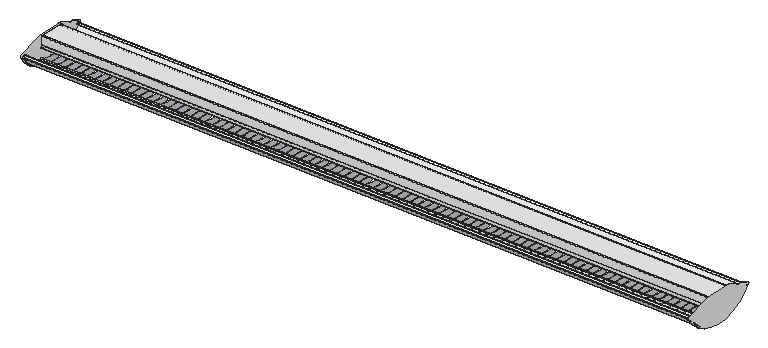
Revit family "LCBA92", category Lighting Fixtures, host Ceiling, Revit 2019
Family settings
  Host = Ceiling
  Round Connector Dimension = Use Diameter
  Part Type = Normal
  OmniClass Number = 23.80.70.11.14.17
  OmniClass Title = Direct/Indirect
  Always vertical = Yes
  Cut with Voids When Loaded = No
  Light Source = Yes
  Shared = No
  Room Calculation Point = No
Parameters (values of type "LCBA92-LED840K050LUNV")
  Width = 0' - 10 1/4"
  Wattage = 64 W
  built-in parameter 1150110 = 1 (stored number, unit not read)
  Voltage = 120 V
  URL = "https://www.viscor.com/en/products/lcba"
  built-in parameter 1114217 = 0.9 (stored number, unit not read)
  Tilt Angle = 180.00°  # constant formula
  built-in parameter 1150109 = 1 (stored number, unit not read)
  built-in parameter 1150134 = 12
  built-in parameter 1150113 = 1 (stored number, unit not read)
  Photometric Web File = "LCBA92-LED840K070LUNV.ies"
  Model = "LCBA"  # constant formula
  Manufacturer = "VISIONEERING by VISCOR"  # constant formula
  Lumens = 7104 lm
  built-in parameter 1150115 = 1 (stored number, unit not read)
  built-in parameter 1150105 = 565.32 (stored number, unit not read)
  built-in parameter 1150137 = (empty or 0)
  built-in parameter 1150139 = (empty or 0)
  Lens Finish Bottom = Acrylic - Viscor - White Opal
  Length = 7' - 8 1/4"
  Lamp Wattage = 64 VA
  built-in parameter 1150112 = 1 (stored number, unit not read)
  built-in parameter 1150114 = 1 (stored number, unit not read)
  Lamp = "LED"  # constant formula
  built-in parameter 1150132 = (empty or 0)
  built-in parameter 1150102 = (empty or 0)
  built-in parameter 1150138 = (empty or 0)
  built-in parameter 1150107 = 4000 (stored number, unit not read)
  built-in parameter 1150106 = 5.6532 (stored number, unit not read)
  Housing Finish = Metal - Viscor - White
  Emit from Line Length = Length  # 7' - 8 1/4"
  built-in parameter 1150104 = 10.312 (stored number, unit not read)
  Dimming Lamp Color Temperature Shift = <None>
  Description = "LED Commercial Basket A"  # constant formula
  Color Filter = 16777215
  built-in parameter 1114218 = 1 (stored number, unit not read)
  built-in parameter 1150133 = 10 (stored number, unit not read)
  Assembly Code = "D5020200"
  Apparent Load = Lamp Wattage  # 64 VA
Reference planes (in)
  plane 1 "Light Source Axis (F/B)": y = 0
  plane 2 "Ceiling": z = 96
  plane 3 "Light Source Axis (L/R)": x = 0
  plane 4 "Light Source Elevation": z = 71.875
  plane 5: x = -46.125
  plane 6: x = 46.125
  plane 7: y = 5.125
  plane 8: y = -5.125
  plane 9: x = -46.09375
  plane 10: x = 46.09375
  plane 11: x = -46.0625
  plane 12: x = 46.0625
  plane 13 "Start of Divider": x = 45.9345
  plane 14: x = -45.9375
Forms (in)
  Extrusion 1, solid, material "Metal - Viscor - White" <- "Housing Finish"
    sketch origin (0, 0, 0) x (0, 1, 0) y (0, 0, 1)
      loop
        line (5.06335, 74.73874) -> (2.37456, 75.72228)
        arc (2.37456, 75.72228) -> (2.03638, 75.81334) -> (1.6875, 75.844) r 2
        line (1.6875, 75.844) -> (-1.6875, 75.844)
        arc (-1.6875, 75.844) -> (-2.03638, 75.81334) -> (-2.37456, 75.72228) r 2
        line (-2.37456, 75.72228) -> (-5.06335, 74.73874)
        arc (-5.06335, 74.73874) -> (-5.13905, 74.66071) -> (-5.125, 74.5529) r 0.125
        arc (-5.125, 74.5529) -> (0, 71.782) -> (5.125, 74.5529) r 6.125
        arc (5.125, 74.5529) -> (5.13905, 74.66071) -> (5.06335, 74.73874) r 0.125
    from 46.09375 to 46.125
  Extrusion 2, solid, material "Metal - Viscor - White" <- "Housing Finish"
    sketch origin (0, 0, 0) x (0, 1, 0) y (0, 0, -1)
      loop
        arc (5.06335, -74.73874) -> (5.13905, -74.66071) -> (5.125, -74.5529) r 0.125
        arc (5.125, -74.5529) -> (0, -71.782) -> (-5.125, -74.5529) r 6.125
        arc (-5.125, -74.5529) -> (-5.13905, -74.66071) -> (-5.06335, -74.73874) r 0.125
        line (-5.06335, -74.73874) -> (-2.37456, -75.72228)
        arc (-2.37456, -75.72228) -> (-2.03638, -75.81334) -> (-1.6875, -75.844) r 2
        line (-1.6875, -75.844) -> (1.6875, -75.844)
        arc (1.6875, -75.844) -> (2.03638, -75.81334) -> (2.37456, -75.72228) r 2
        line (2.37456, -75.72228) -> (5.06335, -74.73874)
    from 46.09375 to 46.125
  Extrusion 3, solid, material "Metal - Viscor - White" <- "Housing Finish"
    sketch origin (0, 0, 0) x (0, 1, 0) y (0, 0, 1)
      loop
        line (1.73473, 73.07819) -> (1.58208, 73.04975) -> (1.58781, 73.01903) -> (1.74044, 73.04753)
        arc (1.74044, 73.04753) -> (1.76608, 73.04319) -> (1.78281, 73.02328) r 0.03771
        arc (1.78281, 73.02328) -> (1.90961, 72.67661) -> (2.04199, 72.33203) r 22.82243
        arc (2.04199, 72.33203) -> (2.0801, 72.29314) -> (2.13454, 72.29314) r 0.07026
        arc (2.13454, 72.29314) -> (3.65839, 73.1434) -> (4.85285, 74.41553) r 5.68925
        line (4.85285, 74.41553) -> (4.88773, 74.46651)
        arc (4.88773, 74.46651) -> (4.89929, 74.5161) -> (4.87432, 74.56048) r 0.07025
        line (4.87432, 74.56048) -> (4.71936, 74.68765)
        arc (4.71936, 74.68765) -> (4.68015, 74.70339) -> (4.63901, 74.69379) r 0.07025
        line (4.63901, 74.69379) -> (4.43792, 74.57475) -> (4.45383, 74.54786) -> (4.65493, 74.6669)
        arc (4.65493, 74.6669) -> (4.67777, 74.67223) -> (4.69953, 74.66349) r 0.039
        line (4.69953, 74.66349) -> (4.85449, 74.53632)
        arc (4.85449, 74.53632) -> (4.86836, 74.51169) -> (4.86194, 74.48415) r 0.039
        line (4.86194, 74.48415) -> (4.82706, 74.43317)
        arc (4.82706, 74.43317) -> (3.63876, 73.16772) -> (2.12272, 72.32209) r 5.658
        arc (2.12272, 72.32209) -> (2.09232, 72.32193) -> (2.07103, 72.34364) r 0.039
        arc (2.07103, 72.34364) -> (1.93876, 72.68793) -> (1.81207, 73.03432) r 22.79117
        arc (1.81207, 73.03432) -> (1.78141, 73.07037) -> (1.73473, 73.07819) r 0.069
    from -46.09375 to 46.09375
  Extrusion 4, solid, material "Metal - Viscor - White" <- "Housing Finish"
    sketch origin (0, 0, 0) x (0, 1, 0) y (0, 0, 1)
      loop
        arc (-4.87352, 74.55951) -> (-4.89741, 74.51969) -> (-4.89066, 74.47375) r 0.069
        arc (-4.89066, 74.47375) -> (-3.68477, 73.16571) -> (-2.13376, 72.29419) r 5.688
        arc (-2.13376, 72.29419) -> (-2.08037, 72.29441) -> (-2.04312, 72.33266) r 0.069
        arc (-2.04312, 72.33266) -> (-1.91079, 72.67708) -> (-1.78402, 73.02368) r 22.82117
        arc (-1.78402, 73.02368) -> (-1.76486, 73.04539) -> (-1.73602, 73.04791) r 0.039
        line (-1.73602, 73.04791) -> (-1.58758, 73.02026) -> (-1.58185, 73.05098) -> (-1.72886, 73.07837)
        arc (-1.72886, 73.07837) -> (-1.77982, 73.07284) -> (-1.81346, 73.03417) r 0.07025
        arc (-1.81346, 73.03417) -> (-1.94005, 72.68805) -> (-2.07222, 72.34403) r 22.78992
        arc (-2.07222, 72.34403) -> (-2.09281, 72.32307) -> (-2.12226, 72.32325) r 0.03775
        arc (-2.12226, 72.32325) -> (-3.66044, 73.18632) -> (-4.85804, 74.48118) r 5.65675
        arc (-4.85804, 74.48118) -> (-4.86738, 74.50919) -> (-4.8537, 74.53535) r 0.03775
        line (-4.8537, 74.53535) -> (-4.69874, 74.66252)
        arc (-4.69874, 74.66252) -> (-4.67767, 74.67098) -> (-4.65556, 74.66583) r 0.03775
        line (-4.65556, 74.66583) -> (-4.45447, 74.54678) -> (-4.43855, 74.57368) -> (-4.63964, 74.69272)
        arc (-4.63964, 74.69272) -> (-4.68006, 74.70214) -> (-4.71857, 74.68668) r 0.069
        line (-4.71857, 74.68668) -> (-4.87352, 74.55951)
    from -46.09375 to 46.09375
  Extrusion 5, solid, material "Metal - Viscor - White" <- "Housing Finish"
    sketch origin (0, 0, 0) x (0, 1, 0) y (0, 0, 1)
      loop
        line (1.556, 75.782) -> (-1.556, 75.782)
        arc (-1.556, 75.782) -> (-1.60479, 75.76179) -> (-1.625, 75.713) r 0.069
        line (-1.625, 75.713) -> (-1.625, 74.251) -> (-1.59375, 74.251) -> (-1.59375, 75.713)
        arc (-1.59375, 75.713) -> (-1.58269, 75.73969) -> (-1.556, 75.75075) r 0.03775
        line (-1.556, 75.75075) -> (1.556, 75.75075)
        arc (1.556, 75.75075) -> (1.58269, 75.73969) -> (1.59375, 75.713) r 0.03775
        line (1.59375, 75.713) -> (1.59375, 74.251) -> (1.625, 74.251) -> (1.625, 75.713)
        arc (1.625, 75.713) -> (1.60479, 75.76179) -> (1.556, 75.782) r 0.069
    from -46.09375 to 46.09375
  Extrusion 6, solid
    sketch origin (0, 0, 0) x (0, 1, 0) y (0, 0, 1)
      loop
        line (1.59375, 74.251) -> (1.59375, 75.713)
        arc (1.59375, 75.713) -> (1.58269, 75.73969) -> (1.556, 75.75075) r 0.03775
        line (1.556, 75.75075) -> (-1.556, 75.75075)
        arc (-1.556, 75.75075) -> (-1.58269, 75.73969) -> (-1.59375, 75.713) r 0.03775
        line (-1.59375, 75.713) -> (-1.59375, 74.251) -> (1.59375, 74.251)
    from 46.0625 to 46.09375
  Extrusion 7, solid, material "Metal - Viscor - White" <- "Housing Finish"
    sketch origin (0, 0, 0) x (0, 1, 0) y (0, 0, -1)
      loop
        line (1.59375, -74.251) -> (-1.59375, -74.251) -> (-1.59375, -75.713)
        arc (-1.59375, -75.713) -> (-1.58269, -75.73969) -> (-1.556, -75.75075) r 0.03775
        line (-1.556, -75.75075) -> (1.556, -75.75075)
        arc (1.556, -75.75075) -> (1.58269, -75.73969) -> (1.59375, -75.713) r 0.03775
        line (1.59375, -75.713) -> (1.59375, -74.251)
    from 46.0625 to 46.09375
  Extrusion 8, solid, material "Metal - Viscor - White" <- "Housing Finish"
    sketch origin (0, 0, 0) x (0, 1, 0) y (0, 0, 1)
      loop
        arc (1.6575, 74.29) -> (1.64608, 74.26242) -> (1.6185, 74.251) r 0.039
        line (1.6185, 74.251) -> (-1.6185, 74.251)
        arc (-1.6185, 74.251) -> (-1.64608, 74.26242) -> (-1.6575, 74.29) r 0.039
        line (-1.6575, 74.29) -> (-1.6575, 74.721) -> (-1.68875, 74.721) -> (-1.68875, 74.29)
        arc (-1.68875, 74.29) -> (-1.66817, 74.24033) -> (-1.6185, 74.21975) r 0.07025
        line (-1.6185, 74.21975) -> (1.6185, 74.21975)
        arc (1.6185, 74.21975) -> (1.66817, 74.24033) -> (1.68875, 74.29) r 0.07025
        line (1.68875, 74.29) -> (1.68875, 74.721) -> (1.6575, 74.721) -> (1.6575, 74.29)
    from -46.0625 to 46.0625
  Extrusion 9, solid
    sketch origin (0, 0, 0) x (0, 1, 0) y (0, 0, 1)
      loop
        arc (1.81268, 72.94364) -> (-0.00072, 72.65579) -> (-1.81406, 72.94408) r 5.85148
        line (-1.81406, 72.94408) -> (-1.84484, 72.86147) -> (-1.90362, 72.88351)
        arc (-1.90362, 72.88351) -> (-1.99875, 72.88023) -> (-2.06363, 72.81059) r 0.12422
        line (-2.06363, 72.81059) -> (-2.1814, 72.49647)
        arc (-2.1814, 72.49647) -> (-2.17546, 72.44135) -> (-2.12767, 72.41325) r 0.0617
        line (-2.12767, 72.41325) -> (-2.01335, 72.41202) -> (-2.05986, 72.27994)
        arc (-2.05986, 72.27994) -> (0.00142, 71.9068) -> (2.06251, 72.28094) r 5.872
        line (2.06251, 72.28094) -> (2.01335, 72.41202) -> (2.1241, 72.41309)
        arc (2.1241, 72.41309) -> (2.17511, 72.4409) -> (2.18051, 72.49874) r 0.0618
        line (2.18051, 72.49874) -> (2.06311, 72.81193)
        arc (2.06311, 72.81193) -> (1.99756, 72.88131) -> (1.90213, 72.88295) r 0.12304
        line (1.90213, 72.88295) -> (1.84484, 72.86147) -> (1.81268, 72.94364)
    from 45.89311 to 45.9345
  Extrusion 10, solid
    sketch origin (-91.872, 0, 0) x (0, 1, 0) y (0, 0, 1)
      loop
        arc (1.81268, 72.94364) -> (-0.00072, 72.65579) -> (-1.81406, 72.94408) r 5.85148
        line (-1.81406, 72.94408) -> (-1.84484, 72.86147) -> (-1.90362, 72.88351)
        arc (-1.90362, 72.88351) -> (-1.99875, 72.88023) -> (-2.06363, 72.81059) r 0.12422
        line (-2.06363, 72.81059) -> (-2.1814, 72.49647)
        arc (-2.1814, 72.49647) -> (-2.17546, 72.44135) -> (-2.12767, 72.41325) r 0.0617
        line (-2.12767, 72.41325) -> (-2.01335, 72.41202) -> (-2.05986, 72.27994)
        arc (-2.05986, 72.27994) -> (0.00142, 71.9068) -> (2.06251, 72.28094) r 5.872
        line (2.06251, 72.28094) -> (2.01335, 72.41202) -> (2.1241, 72.41309)
        arc (2.1241, 72.41309) -> (2.17511, 72.4409) -> (2.18051, 72.49874) r 0.0618
        line (2.18051, 72.49874) -> (2.06311, 72.81193)
        arc (2.06311, 72.81193) -> (1.99756, 72.88131) -> (1.90213, 72.88295) r 0.12304
        line (1.90213, 72.88295) -> (1.84484, 72.86147) -> (1.81268, 72.94364)
    from 45.89311 to 45.9345
  Extrusion 11, solid
    sketch origin (-1.00958, 0, 0) x (0, 1, 0) y (0, 0, 1)
      loop
        arc (1.81268, 72.94364) -> (-0.00072, 72.65579) -> (-1.81406, 72.94408) r 5.85148
        line (-1.81406, 72.94408) -> (-1.84484, 72.86147) -> (-1.90362, 72.88351)
        arc (-1.90362, 72.88351) -> (-1.99875, 72.88023) -> (-2.06363, 72.81059) r 0.12422
        line (-2.06363, 72.81059) -> (-2.1814, 72.49647)
        arc (-2.1814, 72.49647) -> (-2.17546, 72.44135) -> (-2.12767, 72.41325) r 0.0617
        line (-2.12767, 72.41325) -> (-2.01335, 72.41202) -> (-2.05986, 72.27994)
        arc (-2.05986, 72.27994) -> (0.00142, 71.9068) -> (2.06251, 72.28094) r 5.872
        line (2.06251, 72.28094) -> (2.01335, 72.41202) -> (2.1241, 72.41309)
        arc (2.1241, 72.41309) -> (2.17511, 72.4409) -> (2.18051, 72.49874) r 0.0618
        line (2.18051, 72.49874) -> (2.06311, 72.81193)
        arc (2.06311, 72.81193) -> (1.99756, 72.88131) -> (1.90213, 72.88295) r 0.12304
        line (1.90213, 72.88295) -> (1.84484, 72.86147) -> (1.81268, 72.94364)
    from 45.89311 to 45.9345
  Extrusion 12, solid
    sketch origin (-2.01916, 0, 0) x (0, 1, 0) y (0, 0, 1)
      loop
        arc (1.81268, 72.94364) -> (-0.00072, 72.65579) -> (-1.81406, 72.94408) r 5.85148
        line (-1.81406, 72.94408) -> (-1.84484, 72.86147) -> (-1.90362, 72.88351)
        arc (-1.90362, 72.88351) -> (-1.99875, 72.88023) -> (-2.06363, 72.81059) r 0.12422
        line (-2.06363, 72.81059) -> (-2.1814, 72.49647)
        arc (-2.1814, 72.49647) -> (-2.17546, 72.44135) -> (-2.12767, 72.41325) r 0.0617
        line (-2.12767, 72.41325) -> (-2.01335, 72.41202) -> (-2.05986, 72.27994)
        arc (-2.05986, 72.27994) -> (0.00142, 71.9068) -> (2.06251, 72.28094) r 5.872
        line (2.06251, 72.28094) -> (2.01335, 72.41202) -> (2.1241, 72.41309)
        arc (2.1241, 72.41309) -> (2.17511, 72.4409) -> (2.18051, 72.49874) r 0.0618
        line (2.18051, 72.49874) -> (2.06311, 72.81193)
        arc (2.06311, 72.81193) -> (1.99756, 72.88131) -> (1.90213, 72.88295) r 0.12304
        line (1.90213, 72.88295) -> (1.84484, 72.86147) -> (1.81268, 72.94364)
    from 45.89311 to 45.9345
  Extrusion 13, solid
    sketch origin (-3.02875, 0, 0) x (0, 1, 0) y (0, 0, 1)
      loop
        arc (1.81268, 72.94364) -> (-0.00072, 72.65579) -> (-1.81406, 72.94408) r 5.85148
        line (-1.81406, 72.94408) -> (-1.84484, 72.86147) -> (-1.90362, 72.88351)
        arc (-1.90362, 72.88351) -> (-1.99875, 72.88023) -> (-2.06363, 72.81059) r 0.12422
        line (-2.06363, 72.81059) -> (-2.1814, 72.49647)
        arc (-2.1814, 72.49647) -> (-2.17546, 72.44135) -> (-2.12767, 72.41325) r 0.0617
        line (-2.12767, 72.41325) -> (-2.01335, 72.41202) -> (-2.05986, 72.27994)
        arc (-2.05986, 72.27994) -> (0.00142, 71.9068) -> (2.06251, 72.28094) r 5.872
        line (2.06251, 72.28094) -> (2.01335, 72.41202) -> (2.1241, 72.41309)
        arc (2.1241, 72.41309) -> (2.17511, 72.4409) -> (2.18051, 72.49874) r 0.0618
        line (2.18051, 72.49874) -> (2.06311, 72.81193)
        arc (2.06311, 72.81193) -> (1.99756, 72.88131) -> (1.90213, 72.88295) r 0.12304
        line (1.90213, 72.88295) -> (1.84484, 72.86147) -> (1.81268, 72.94364)
    from 45.89311 to 45.9345
  Extrusion 14, solid
    sketch origin (-4.03833, 0, 0) x (0, 1, 0) y (0, 0, 1)
      loop
        arc (1.81268, 72.94364) -> (-0.00072, 72.65579) -> (-1.81406, 72.94408) r 5.85148
        line (-1.81406, 72.94408) -> (-1.84484, 72.86147) -> (-1.90362, 72.88351)
        arc (-1.90362, 72.88351) -> (-1.99875, 72.88023) -> (-2.06363, 72.81059) r 0.12422
        line (-2.06363, 72.81059) -> (-2.1814, 72.49647)
        arc (-2.1814, 72.49647) -> (-2.17546, 72.44135) -> (-2.12767, 72.41325) r 0.0617
        line (-2.12767, 72.41325) -> (-2.01335, 72.41202) -> (-2.05986, 72.27994)
        arc (-2.05986, 72.27994) -> (0.00142, 71.9068) -> (2.06251, 72.28094) r 5.872
        line (2.06251, 72.28094) -> (2.01335, 72.41202) -> (2.1241, 72.41309)
        arc (2.1241, 72.41309) -> (2.17511, 72.4409) -> (2.18051, 72.49874) r 0.0618
        line (2.18051, 72.49874) -> (2.06311, 72.81193)
        arc (2.06311, 72.81193) -> (1.99756, 72.88131) -> (1.90213, 72.88295) r 0.12304
        line (1.90213, 72.88295) -> (1.84484, 72.86147) -> (1.81268, 72.94364)
    from 45.89311 to 45.9345
  Extrusion 15, solid
    sketch origin (-5.04791, 0, 0) x (0, 1, 0) y (0, 0, 1)
      loop
        arc (1.81268, 72.94364) -> (-0.00072, 72.65579) -> (-1.81406, 72.94408) r 5.85148
        line (-1.81406, 72.94408) -> (-1.84484, 72.86147) -> (-1.90362, 72.88351)
        arc (-1.90362, 72.88351) -> (-1.99875, 72.88023) -> (-2.06363, 72.81059) r 0.12422
        line (-2.06363, 72.81059) -> (-2.1814, 72.49647)
        arc (-2.1814, 72.49647) -> (-2.17546, 72.44135) -> (-2.12767, 72.41325) r 0.0617
        line (-2.12767, 72.41325) -> (-2.01335, 72.41202) -> (-2.05986, 72.27994)
        arc (-2.05986, 72.27994) -> (0.00142, 71.9068) -> (2.06251, 72.28094) r 5.872
        line (2.06251, 72.28094) -> (2.01335, 72.41202) -> (2.1241, 72.41309)
        arc (2.1241, 72.41309) -> (2.17511, 72.4409) -> (2.18051, 72.49874) r 0.0618
        line (2.18051, 72.49874) -> (2.06311, 72.81193)
        arc (2.06311, 72.81193) -> (1.99756, 72.88131) -> (1.90213, 72.88295) r 0.12304
        line (1.90213, 72.88295) -> (1.84484, 72.86147) -> (1.81268, 72.94364)
    from 45.89311 to 45.9345
  Extrusion 16, solid
    sketch origin (-6.05749, 0, 0) x (0, 1, 0) y (0, 0, 1)
      loop
        arc (1.81268, 72.94364) -> (-0.00072, 72.65579) -> (-1.81406, 72.94408) r 5.85148
        line (-1.81406, 72.94408) -> (-1.84484, 72.86147) -> (-1.90362, 72.88351)
        arc (-1.90362, 72.88351) -> (-1.99875, 72.88023) -> (-2.06363, 72.81059) r 0.12422
        line (-2.06363, 72.81059) -> (-2.1814, 72.49647)
        arc (-2.1814, 72.49647) -> (-2.17546, 72.44135) -> (-2.12767, 72.41325) r 0.0617
        line (-2.12767, 72.41325) -> (-2.01335, 72.41202) -> (-2.05986, 72.27994)
        arc (-2.05986, 72.27994) -> (0.00142, 71.9068) -> (2.06251, 72.28094) r 5.872
        line (2.06251, 72.28094) -> (2.01335, 72.41202) -> (2.1241, 72.41309)
        arc (2.1241, 72.41309) -> (2.17511, 72.4409) -> (2.18051, 72.49874) r 0.0618
        line (2.18051, 72.49874) -> (2.06311, 72.81193)
        arc (2.06311, 72.81193) -> (1.99756, 72.88131) -> (1.90213, 72.88295) r 0.12304
        line (1.90213, 72.88295) -> (1.84484, 72.86147) -> (1.81268, 72.94364)
    from 45.89311 to 45.9345
  Extrusion 17, solid
    sketch origin (-7.06708, 0, 0) x (0, 1, 0) y (0, 0, 1)
      loop
        arc (1.81268, 72.94364) -> (-0.00072, 72.65579) -> (-1.81406, 72.94408) r 5.85148
        line (-1.81406, 72.94408) -> (-1.84484, 72.86147) -> (-1.90362, 72.88351)
        arc (-1.90362, 72.88351) -> (-1.99875, 72.88023) -> (-2.06363, 72.81059) r 0.12422
        line (-2.06363, 72.81059) -> (-2.1814, 72.49647)
        arc (-2.1814, 72.49647) -> (-2.17546, 72.44135) -> (-2.12767, 72.41325) r 0.0617
        line (-2.12767, 72.41325) -> (-2.01335, 72.41202) -> (-2.05986, 72.27994)
        arc (-2.05986, 72.27994) -> (0.00142, 71.9068) -> (2.06251, 72.28094) r 5.872
        line (2.06251, 72.28094) -> (2.01335, 72.41202) -> (2.1241, 72.41309)
        arc (2.1241, 72.41309) -> (2.17511, 72.4409) -> (2.18051, 72.49874) r 0.0618
        line (2.18051, 72.49874) -> (2.06311, 72.81193)
        arc (2.06311, 72.81193) -> (1.99756, 72.88131) -> (1.90213, 72.88295) r 0.12304
        line (1.90213, 72.88295) -> (1.84484, 72.86147) -> (1.81268, 72.94364)
    from 45.89311 to 45.9345
  Extrusion 18, solid
    sketch origin (-8.07666, 0, 0) x (0, 1, 0) y (0, 0, 1)
      loop
        arc (1.81268, 72.94364) -> (-0.00072, 72.65579) -> (-1.81406, 72.94408) r 5.85148
        line (-1.81406, 72.94408) -> (-1.84484, 72.86147) -> (-1.90362, 72.88351)
        arc (-1.90362, 72.88351) -> (-1.99875, 72.88023) -> (-2.06363, 72.81059) r 0.12422
        line (-2.06363, 72.81059) -> (-2.1814, 72.49647)
        arc (-2.1814, 72.49647) -> (-2.17546, 72.44135) -> (-2.12767, 72.41325) r 0.0617
        line (-2.12767, 72.41325) -> (-2.01335, 72.41202) -> (-2.05986, 72.27994)
        arc (-2.05986, 72.27994) -> (0.00142, 71.9068) -> (2.06251, 72.28094) r 5.872
        line (2.06251, 72.28094) -> (2.01335, 72.41202) -> (2.1241, 72.41309)
        arc (2.1241, 72.41309) -> (2.17511, 72.4409) -> (2.18051, 72.49874) r 0.0618
        line (2.18051, 72.49874) -> (2.06311, 72.81193)
        arc (2.06311, 72.81193) -> (1.99756, 72.88131) -> (1.90213, 72.88295) r 0.12304
        line (1.90213, 72.88295) -> (1.84484, 72.86147) -> (1.81268, 72.94364)
    from 45.89311 to 45.9345
  Extrusion 19, solid
    sketch origin (-9.08624, 0, 0) x (0, 1, 0) y (0, 0, 1)
      loop
        arc (1.81268, 72.94364) -> (-0.00072, 72.65579) -> (-1.81406, 72.94408) r 5.85148
        line (-1.81406, 72.94408) -> (-1.84484, 72.86147) -> (-1.90362, 72.88351)
        arc (-1.90362, 72.88351) -> (-1.99875, 72.88023) -> (-2.06363, 72.81059) r 0.12422
        line (-2.06363, 72.81059) -> (-2.1814, 72.49647)
        arc (-2.1814, 72.49647) -> (-2.17546, 72.44135) -> (-2.12767, 72.41325) r 0.0617
        line (-2.12767, 72.41325) -> (-2.01335, 72.41202) -> (-2.05986, 72.27994)
        arc (-2.05986, 72.27994) -> (0.00142, 71.9068) -> (2.06251, 72.28094) r 5.872
        line (2.06251, 72.28094) -> (2.01335, 72.41202) -> (2.1241, 72.41309)
        arc (2.1241, 72.41309) -> (2.17511, 72.4409) -> (2.18051, 72.49874) r 0.0618
        line (2.18051, 72.49874) -> (2.06311, 72.81193)
        arc (2.06311, 72.81193) -> (1.99756, 72.88131) -> (1.90213, 72.88295) r 0.12304
        line (1.90213, 72.88295) -> (1.84484, 72.86147) -> (1.81268, 72.94364)
    from 45.89311 to 45.9345
  Extrusion 20, solid
    sketch origin (-10.09582, 0, 0) x (0, 1, 0) y (0, 0, 1)
      loop
        arc (1.81268, 72.94364) -> (-0.00072, 72.65579) -> (-1.81406, 72.94408) r 5.85148
        line (-1.81406, 72.94408) -> (-1.84484, 72.86147) -> (-1.90362, 72.88351)
        arc (-1.90362, 72.88351) -> (-1.99875, 72.88023) -> (-2.06363, 72.81059) r 0.12422
        line (-2.06363, 72.81059) -> (-2.1814, 72.49647)
        arc (-2.1814, 72.49647) -> (-2.17546, 72.44135) -> (-2.12767, 72.41325) r 0.0617
        line (-2.12767, 72.41325) -> (-2.01335, 72.41202) -> (-2.05986, 72.27994)
        arc (-2.05986, 72.27994) -> (0.00142, 71.9068) -> (2.06251, 72.28094) r 5.872
        line (2.06251, 72.28094) -> (2.01335, 72.41202) -> (2.1241, 72.41309)
        arc (2.1241, 72.41309) -> (2.17511, 72.4409) -> (2.18051, 72.49874) r 0.0618
        line (2.18051, 72.49874) -> (2.06311, 72.81193)
        arc (2.06311, 72.81193) -> (1.99756, 72.88131) -> (1.90213, 72.88295) r 0.12304
        line (1.90213, 72.88295) -> (1.84484, 72.86147) -> (1.81268, 72.94364)
    from 45.89311 to 45.9345
  Extrusion 21, solid
    sketch origin (-11.10541, 0, 0) x (0, 1, 0) y (0, 0, 1)
      loop
        arc (1.81268, 72.94364) -> (-0.00072, 72.65579) -> (-1.81406, 72.94408) r 5.85148
        line (-1.81406, 72.94408) -> (-1.84484, 72.86147) -> (-1.90362, 72.88351)
        arc (-1.90362, 72.88351) -> (-1.99875, 72.88023) -> (-2.06363, 72.81059) r 0.12422
        line (-2.06363, 72.81059) -> (-2.1814, 72.49647)
        arc (-2.1814, 72.49647) -> (-2.17546, 72.44135) -> (-2.12767, 72.41325) r 0.0617
        line (-2.12767, 72.41325) -> (-2.01335, 72.41202) -> (-2.05986, 72.27994)
        arc (-2.05986, 72.27994) -> (0.00142, 71.9068) -> (2.06251, 72.28094) r 5.872
        line (2.06251, 72.28094) -> (2.01335, 72.41202) -> (2.1241, 72.41309)
        arc (2.1241, 72.41309) -> (2.17511, 72.4409) -> (2.18051, 72.49874) r 0.0618
        line (2.18051, 72.49874) -> (2.06311, 72.81193)
        arc (2.06311, 72.81193) -> (1.99756, 72.88131) -> (1.90213, 72.88295) r 0.12304
        line (1.90213, 72.88295) -> (1.84484, 72.86147) -> (1.81268, 72.94364)
    from 45.89311 to 45.9345
  Extrusion 22, solid
    sketch origin (-12.11499, 0, 0) x (0, 1, 0) y (0, 0, 1)
      loop
        arc (1.81268, 72.94364) -> (-0.00072, 72.65579) -> (-1.81406, 72.94408) r 5.85148
        line (-1.81406, 72.94408) -> (-1.84484, 72.86147) -> (-1.90362, 72.88351)
        arc (-1.90362, 72.88351) -> (-1.99875, 72.88023) -> (-2.06363, 72.81059) r 0.12422
        line (-2.06363, 72.81059) -> (-2.1814, 72.49647)
        arc (-2.1814, 72.49647) -> (-2.17546, 72.44135) -> (-2.12767, 72.41325) r 0.0617
        line (-2.12767, 72.41325) -> (-2.01335, 72.41202) -> (-2.05986, 72.27994)
        arc (-2.05986, 72.27994) -> (0.00142, 71.9068) -> (2.06251, 72.28094) r 5.872
        line (2.06251, 72.28094) -> (2.01335, 72.41202) -> (2.1241, 72.41309)
        arc (2.1241, 72.41309) -> (2.17511, 72.4409) -> (2.18051, 72.49874) r 0.0618
        line (2.18051, 72.49874) -> (2.06311, 72.81193)
        arc (2.06311, 72.81193) -> (1.99756, 72.88131) -> (1.90213, 72.88295) r 0.12304
        line (1.90213, 72.88295) -> (1.84484, 72.86147) -> (1.81268, 72.94364)
    from 45.89311 to 45.9345
  Extrusion 23, solid
    sketch origin (-13.12457, 0, 0) x (0, 1, 0) y (0, 0, 1)
      loop
        arc (1.81268, 72.94364) -> (-0.00072, 72.65579) -> (-1.81406, 72.94408) r 5.85148
        line (-1.81406, 72.94408) -> (-1.84484, 72.86147) -> (-1.90362, 72.88351)
        arc (-1.90362, 72.88351) -> (-1.99875, 72.88023) -> (-2.06363, 72.81059) r 0.12422
        line (-2.06363, 72.81059) -> (-2.1814, 72.49647)
        arc (-2.1814, 72.49647) -> (-2.17546, 72.44135) -> (-2.12767, 72.41325) r 0.0617
        line (-2.12767, 72.41325) -> (-2.01335, 72.41202) -> (-2.05986, 72.27994)
        arc (-2.05986, 72.27994) -> (0.00142, 71.9068) -> (2.06251, 72.28094) r 5.872
        line (2.06251, 72.28094) -> (2.01335, 72.41202) -> (2.1241, 72.41309)
        arc (2.1241, 72.41309) -> (2.17511, 72.4409) -> (2.18051, 72.49874) r 0.0618
        line (2.18051, 72.49874) -> (2.06311, 72.81193)
        arc (2.06311, 72.81193) -> (1.99756, 72.88131) -> (1.90213, 72.88295) r 0.12304
        line (1.90213, 72.88295) -> (1.84484, 72.86147) -> (1.81268, 72.94364)
    from 45.89311 to 45.9345
  Extrusion 24, solid
    sketch origin (-14.13415, 0, 0) x (0, 1, 0) y (0, 0, 1)
      loop
        arc (1.81268, 72.94364) -> (-0.00072, 72.65579) -> (-1.81406, 72.94408) r 5.85148
        line (-1.81406, 72.94408) -> (-1.84484, 72.86147) -> (-1.90362, 72.88351)
        arc (-1.90362, 72.88351) -> (-1.99875, 72.88023) -> (-2.06363, 72.81059) r 0.12422
        line (-2.06363, 72.81059) -> (-2.1814, 72.49647)
        arc (-2.1814, 72.49647) -> (-2.17546, 72.44135) -> (-2.12767, 72.41325) r 0.0617
        line (-2.12767, 72.41325) -> (-2.01335, 72.41202) -> (-2.05986, 72.27994)
        arc (-2.05986, 72.27994) -> (0.00142, 71.9068) -> (2.06251, 72.28094) r 5.872
        line (2.06251, 72.28094) -> (2.01335, 72.41202) -> (2.1241, 72.41309)
        arc (2.1241, 72.41309) -> (2.17511, 72.4409) -> (2.18051, 72.49874) r 0.0618
        line (2.18051, 72.49874) -> (2.06311, 72.81193)
        arc (2.06311, 72.81193) -> (1.99756, 72.88131) -> (1.90213, 72.88295) r 0.12304
        line (1.90213, 72.88295) -> (1.84484, 72.86147) -> (1.81268, 72.94364)
    from 45.89311 to 45.9345
  Extrusion 25, solid
    sketch origin (-15.14374, 0, 0) x (0, 1, 0) y (0, 0, 1)
      loop
        arc (1.81268, 72.94364) -> (-0.00072, 72.65579) -> (-1.81406, 72.94408) r 5.85148
        line (-1.81406, 72.94408) -> (-1.84484, 72.86147) -> (-1.90362, 72.88351)
        arc (-1.90362, 72.88351) -> (-1.99875, 72.88023) -> (-2.06363, 72.81059) r 0.12422
        line (-2.06363, 72.81059) -> (-2.1814, 72.49647)
        arc (-2.1814, 72.49647) -> (-2.17546, 72.44135) -> (-2.12767, 72.41325) r 0.0617
        line (-2.12767, 72.41325) -> (-2.01335, 72.41202) -> (-2.05986, 72.27994)
        arc (-2.05986, 72.27994) -> (0.00142, 71.9068) -> (2.06251, 72.28094) r 5.872
        line (2.06251, 72.28094) -> (2.01335, 72.41202) -> (2.1241, 72.41309)
        arc (2.1241, 72.41309) -> (2.17511, 72.4409) -> (2.18051, 72.49874) r 0.0618
        line (2.18051, 72.49874) -> (2.06311, 72.81193)
        arc (2.06311, 72.81193) -> (1.99756, 72.88131) -> (1.90213, 72.88295) r 0.12304
        line (1.90213, 72.88295) -> (1.84484, 72.86147) -> (1.81268, 72.94364)
    from 45.89311 to 45.9345
  Extrusion 26, solid
    sketch origin (-16.15332, 0, 0) x (0, 1, 0) y (0, 0, 1)
      loop
        arc (1.81268, 72.94364) -> (-0.00072, 72.65579) -> (-1.81406, 72.94408) r 5.85148
        line (-1.81406, 72.94408) -> (-1.84484, 72.86147) -> (-1.90362, 72.88351)
        arc (-1.90362, 72.88351) -> (-1.99875, 72.88023) -> (-2.06363, 72.81059) r 0.12422
        line (-2.06363, 72.81059) -> (-2.1814, 72.49647)
        arc (-2.1814, 72.49647) -> (-2.17546, 72.44135) -> (-2.12767, 72.41325) r 0.0617
        line (-2.12767, 72.41325) -> (-2.01335, 72.41202) -> (-2.05986, 72.27994)
        arc (-2.05986, 72.27994) -> (0.00142, 71.9068) -> (2.06251, 72.28094) r 5.872
        line (2.06251, 72.28094) -> (2.01335, 72.41202) -> (2.1241, 72.41309)
        arc (2.1241, 72.41309) -> (2.17511, 72.4409) -> (2.18051, 72.49874) r 0.0618
        line (2.18051, 72.49874) -> (2.06311, 72.81193)
        arc (2.06311, 72.81193) -> (1.99756, 72.88131) -> (1.90213, 72.88295) r 0.12304
        line (1.90213, 72.88295) -> (1.84484, 72.86147) -> (1.81268, 72.94364)
    from 45.89311 to 45.9345
  Extrusion 27, solid
    sketch origin (-17.1629, 0, 0) x (0, 1, 0) y (0, 0, 1)
      loop
        arc (1.81268, 72.94364) -> (-0.00072, 72.65579) -> (-1.81406, 72.94408) r 5.85148
        line (-1.81406, 72.94408) -> (-1.84484, 72.86147) -> (-1.90362, 72.88351)
        arc (-1.90362, 72.88351) -> (-1.99875, 72.88023) -> (-2.06363, 72.81059) r 0.12422
        line (-2.06363, 72.81059) -> (-2.1814, 72.49647)
        arc (-2.1814, 72.49647) -> (-2.17546, 72.44135) -> (-2.12767, 72.41325) r 0.0617
        line (-2.12767, 72.41325) -> (-2.01335, 72.41202) -> (-2.05986, 72.27994)
        arc (-2.05986, 72.27994) -> (0.00142, 71.9068) -> (2.06251, 72.28094) r 5.872
        line (2.06251, 72.28094) -> (2.01335, 72.41202) -> (2.1241, 72.41309)
        arc (2.1241, 72.41309) -> (2.17511, 72.4409) -> (2.18051, 72.49874) r 0.0618
        line (2.18051, 72.49874) -> (2.06311, 72.81193)
        arc (2.06311, 72.81193) -> (1.99756, 72.88131) -> (1.90213, 72.88295) r 0.12304
        line (1.90213, 72.88295) -> (1.84484, 72.86147) -> (1.81268, 72.94364)
    from 45.89311 to 45.9345
  Extrusion 28, solid
    sketch origin (-18.17248, 0, 0) x (0, 1, 0) y (0, 0, 1)
      loop
        arc (1.81268, 72.94364) -> (-0.00072, 72.65579) -> (-1.81406, 72.94408) r 5.85148
        line (-1.81406, 72.94408) -> (-1.84484, 72.86147) -> (-1.90362, 72.88351)
        arc (-1.90362, 72.88351) -> (-1.99875, 72.88023) -> (-2.06363, 72.81059) r 0.12422
        line (-2.06363, 72.81059) -> (-2.1814, 72.49647)
        arc (-2.1814, 72.49647) -> (-2.17546, 72.44135) -> (-2.12767, 72.41325) r 0.0617
        line (-2.12767, 72.41325) -> (-2.01335, 72.41202) -> (-2.05986, 72.27994)
        arc (-2.05986, 72.27994) -> (0.00142, 71.9068) -> (2.06251, 72.28094) r 5.872
        line (2.06251, 72.28094) -> (2.01335, 72.41202) -> (2.1241, 72.41309)
        arc (2.1241, 72.41309) -> (2.17511, 72.4409) -> (2.18051, 72.49874) r 0.0618
        line (2.18051, 72.49874) -> (2.06311, 72.81193)
        arc (2.06311, 72.81193) -> (1.99756, 72.88131) -> (1.90213, 72.88295) r 0.12304
        line (1.90213, 72.88295) -> (1.84484, 72.86147) -> (1.81268, 72.94364)
    from 45.89311 to 45.9345
  Extrusion 29, solid
    sketch origin (-19.18207, 0, 0) x (0, 1, 0) y (0, 0, 1)
      loop
        arc (1.81268, 72.94364) -> (-0.00072, 72.65579) -> (-1.81406, 72.94408) r 5.85148
        line (-1.81406, 72.94408) -> (-1.84484, 72.86147) -> (-1.90362, 72.88351)
        arc (-1.90362, 72.88351) -> (-1.99875, 72.88023) -> (-2.06363, 72.81059) r 0.12422
        line (-2.06363, 72.81059) -> (-2.1814, 72.49647)
        arc (-2.1814, 72.49647) -> (-2.17546, 72.44135) -> (-2.12767, 72.41325) r 0.0617
        line (-2.12767, 72.41325) -> (-2.01335, 72.41202) -> (-2.05986, 72.27994)
        arc (-2.05986, 72.27994) -> (0.00142, 71.9068) -> (2.06251, 72.28094) r 5.872
        line (2.06251, 72.28094) -> (2.01335, 72.41202) -> (2.1241, 72.41309)
        arc (2.1241, 72.41309) -> (2.17511, 72.4409) -> (2.18051, 72.49874) r 0.0618
        line (2.18051, 72.49874) -> (2.06311, 72.81193)
        arc (2.06311, 72.81193) -> (1.99756, 72.88131) -> (1.90213, 72.88295) r 0.12304
        line (1.90213, 72.88295) -> (1.84484, 72.86147) -> (1.81268, 72.94364)
    from 45.89311 to 45.9345
  Extrusion 30, solid
    sketch origin (-20.19165, 0, 0) x (0, 1, 0) y (0, 0, 1)
      loop
        arc (1.81268, 72.94364) -> (-0.00072, 72.65579) -> (-1.81406, 72.94408) r 5.85148
        line (-1.81406, 72.94408) -> (-1.84484, 72.86147) -> (-1.90362, 72.88351)
        arc (-1.90362, 72.88351) -> (-1.99875, 72.88023) -> (-2.06363, 72.81059) r 0.12422
        line (-2.06363, 72.81059) -> (-2.1814, 72.49647)
        arc (-2.1814, 72.49647) -> (-2.17546, 72.44135) -> (-2.12767, 72.41325) r 0.0617
        line (-2.12767, 72.41325) -> (-2.01335, 72.41202) -> (-2.05986, 72.27994)
        arc (-2.05986, 72.27994) -> (0.00142, 71.9068) -> (2.06251, 72.28094) r 5.872
        line (2.06251, 72.28094) -> (2.01335, 72.41202) -> (2.1241, 72.41309)
        arc (2.1241, 72.41309) -> (2.17511, 72.4409) -> (2.18051, 72.49874) r 0.0618
        line (2.18051, 72.49874) -> (2.06311, 72.81193)
        arc (2.06311, 72.81193) -> (1.99756, 72.88131) -> (1.90213, 72.88295) r 0.12304
        line (1.90213, 72.88295) -> (1.84484, 72.86147) -> (1.81268, 72.94364)
    from 45.89311 to 45.9345
  Extrusion 31, solid
    sketch origin (-21.20123, 0, 0) x (0, 1, 0) y (0, 0, 1)
      loop
        arc (1.81268, 72.94364) -> (-0.00072, 72.65579) -> (-1.81406, 72.94408) r 5.85148
        line (-1.81406, 72.94408) -> (-1.84484, 72.86147) -> (-1.90362, 72.88351)
        arc (-1.90362, 72.88351) -> (-1.99875, 72.88023) -> (-2.06363, 72.81059) r 0.12422
        line (-2.06363, 72.81059) -> (-2.1814, 72.49647)
        arc (-2.1814, 72.49647) -> (-2.17546, 72.44135) -> (-2.12767, 72.41325) r 0.0617
        line (-2.12767, 72.41325) -> (-2.01335, 72.41202) -> (-2.05986, 72.27994)
        arc (-2.05986, 72.27994) -> (0.00142, 71.9068) -> (2.06251, 72.28094) r 5.872
        line (2.06251, 72.28094) -> (2.01335, 72.41202) -> (2.1241, 72.41309)
        arc (2.1241, 72.41309) -> (2.17511, 72.4409) -> (2.18051, 72.49874) r 0.0618
        line (2.18051, 72.49874) -> (2.06311, 72.81193)
        arc (2.06311, 72.81193) -> (1.99756, 72.88131) -> (1.90213, 72.88295) r 0.12304
        line (1.90213, 72.88295) -> (1.84484, 72.86147) -> (1.81268, 72.94364)
    from 45.89311 to 45.9345
  Extrusion 32, solid
    sketch origin (-22.21081, 0, 0) x (0, 1, 0) y (0, 0, 1)
      loop
        arc (1.81268, 72.94364) -> (-0.00072, 72.65579) -> (-1.81406, 72.94408) r 5.85148
        line (-1.81406, 72.94408) -> (-1.84484, 72.86147) -> (-1.90362, 72.88351)
        arc (-1.90362, 72.88351) -> (-1.99875, 72.88023) -> (-2.06363, 72.81059) r 0.12422
        line (-2.06363, 72.81059) -> (-2.1814, 72.49647)
        arc (-2.1814, 72.49647) -> (-2.17546, 72.44135) -> (-2.12767, 72.41325) r 0.0617
        line (-2.12767, 72.41325) -> (-2.01335, 72.41202) -> (-2.05986, 72.27994)
        arc (-2.05986, 72.27994) -> (0.00142, 71.9068) -> (2.06251, 72.28094) r 5.872
        line (2.06251, 72.28094) -> (2.01335, 72.41202) -> (2.1241, 72.41309)
        arc (2.1241, 72.41309) -> (2.17511, 72.4409) -> (2.18051, 72.49874) r 0.0618
        line (2.18051, 72.49874) -> (2.06311, 72.81193)
        arc (2.06311, 72.81193) -> (1.99756, 72.88131) -> (1.90213, 72.88295) r 0.12304
        line (1.90213, 72.88295) -> (1.84484, 72.86147) -> (1.81268, 72.94364)
    from 45.89311 to 45.9345
  Extrusion 33, solid
    sketch origin (-23.2204, 0, 0) x (0, 1, 0) y (0, 0, 1)
      loop
        arc (1.81268, 72.94364) -> (-0.00072, 72.65579) -> (-1.81406, 72.94408) r 5.85148
        line (-1.81406, 72.94408) -> (-1.84484, 72.86147) -> (-1.90362, 72.88351)
        arc (-1.90362, 72.88351) -> (-1.99875, 72.88023) -> (-2.06363, 72.81059) r 0.12422
        line (-2.06363, 72.81059) -> (-2.1814, 72.49647)
        arc (-2.1814, 72.49647) -> (-2.17546, 72.44135) -> (-2.12767, 72.41325) r 0.0617
        line (-2.12767, 72.41325) -> (-2.01335, 72.41202) -> (-2.05986, 72.27994)
        arc (-2.05986, 72.27994) -> (0.00142, 71.9068) -> (2.06251, 72.28094) r 5.872
        line (2.06251, 72.28094) -> (2.01335, 72.41202) -> (2.1241, 72.41309)
        arc (2.1241, 72.41309) -> (2.17511, 72.4409) -> (2.18051, 72.49874) r 0.0618
        line (2.18051, 72.49874) -> (2.06311, 72.81193)
        arc (2.06311, 72.81193) -> (1.99756, 72.88131) -> (1.90213, 72.88295) r 0.12304
        line (1.90213, 72.88295) -> (1.84484, 72.86147) -> (1.81268, 72.94364)
    from 45.89311 to 45.9345
  Extrusion 34, solid
    sketch origin (-24.22998, 0, 0) x (0, 1, 0) y (0, 0, 1)
      loop
        arc (1.81268, 72.94364) -> (-0.00072, 72.65579) -> (-1.81406, 72.94408) r 5.85148
        line (-1.81406, 72.94408) -> (-1.84484, 72.86147) -> (-1.90362, 72.88351)
        arc (-1.90362, 72.88351) -> (-1.99875, 72.88023) -> (-2.06363, 72.81059) r 0.12422
        line (-2.06363, 72.81059) -> (-2.1814, 72.49647)
        arc (-2.1814, 72.49647) -> (-2.17546, 72.44135) -> (-2.12767, 72.41325) r 0.0617
        line (-2.12767, 72.41325) -> (-2.01335, 72.41202) -> (-2.05986, 72.27994)
        arc (-2.05986, 72.27994) -> (0.00142, 71.9068) -> (2.06251, 72.28094) r 5.872
        line (2.06251, 72.28094) -> (2.01335, 72.41202) -> (2.1241, 72.41309)
        arc (2.1241, 72.41309) -> (2.17511, 72.4409) -> (2.18051, 72.49874) r 0.0618
        line (2.18051, 72.49874) -> (2.06311, 72.81193)
        arc (2.06311, 72.81193) -> (1.99756, 72.88131) -> (1.90213, 72.88295) r 0.12304
        line (1.90213, 72.88295) -> (1.84484, 72.86147) -> (1.81268, 72.94364)
    from 45.89311 to 45.9345
  Extrusion 35, solid
    sketch origin (-25.23956, 0, 0) x (0, 1, 0) y (0, 0, 1)
      loop
        arc (1.81268, 72.94364) -> (-0.00072, 72.65579) -> (-1.81406, 72.94408) r 5.85148
        line (-1.81406, 72.94408) -> (-1.84484, 72.86147) -> (-1.90362, 72.88351)
        arc (-1.90362, 72.88351) -> (-1.99875, 72.88023) -> (-2.06363, 72.81059) r 0.12422
        line (-2.06363, 72.81059) -> (-2.1814, 72.49647)
        arc (-2.1814, 72.49647) -> (-2.17546, 72.44135) -> (-2.12767, 72.41325) r 0.0617
        line (-2.12767, 72.41325) -> (-2.01335, 72.41202) -> (-2.05986, 72.27994)
        arc (-2.05986, 72.27994) -> (0.00142, 71.9068) -> (2.06251, 72.28094) r 5.872
        line (2.06251, 72.28094) -> (2.01335, 72.41202) -> (2.1241, 72.41309)
        arc (2.1241, 72.41309) -> (2.17511, 72.4409) -> (2.18051, 72.49874) r 0.0618
        line (2.18051, 72.49874) -> (2.06311, 72.81193)
        arc (2.06311, 72.81193) -> (1.99756, 72.88131) -> (1.90213, 72.88295) r 0.12304
        line (1.90213, 72.88295) -> (1.84484, 72.86147) -> (1.81268, 72.94364)
    from 45.89311 to 45.9345
  Extrusion 36, solid
    sketch origin (-26.24914, 0, 0) x (0, 1, 0) y (0, 0, 1)
      loop
        arc (1.81268, 72.94364) -> (-0.00072, 72.65579) -> (-1.81406, 72.94408) r 5.85148
        line (-1.81406, 72.94408) -> (-1.84484, 72.86147) -> (-1.90362, 72.88351)
        arc (-1.90362, 72.88351) -> (-1.99875, 72.88023) -> (-2.06363, 72.81059) r 0.12422
        line (-2.06363, 72.81059) -> (-2.1814, 72.49647)
        arc (-2.1814, 72.49647) -> (-2.17546, 72.44135) -> (-2.12767, 72.41325) r 0.0617
        line (-2.12767, 72.41325) -> (-2.01335, 72.41202) -> (-2.05986, 72.27994)
        arc (-2.05986, 72.27994) -> (0.00142, 71.9068) -> (2.06251, 72.28094) r 5.872
        line (2.06251, 72.28094) -> (2.01335, 72.41202) -> (2.1241, 72.41309)
        arc (2.1241, 72.41309) -> (2.17511, 72.4409) -> (2.18051, 72.49874) r 0.0618
        line (2.18051, 72.49874) -> (2.06311, 72.81193)
        arc (2.06311, 72.81193) -> (1.99756, 72.88131) -> (1.90213, 72.88295) r 0.12304
        line (1.90213, 72.88295) -> (1.84484, 72.86147) -> (1.81268, 72.94364)
    from 45.89311 to 45.9345
  Extrusion 37, solid
    sketch origin (-27.25873, 0, 0) x (0, 1, 0) y (0, 0, 1)
      loop
        arc (1.81268, 72.94364) -> (-0.00072, 72.65579) -> (-1.81406, 72.94408) r 5.85148
        line (-1.81406, 72.94408) -> (-1.84484, 72.86147) -> (-1.90362, 72.88351)
        arc (-1.90362, 72.88351) -> (-1.99875, 72.88023) -> (-2.06363, 72.81059) r 0.12422
        line (-2.06363, 72.81059) -> (-2.1814, 72.49647)
        arc (-2.1814, 72.49647) -> (-2.17546, 72.44135) -> (-2.12767, 72.41325) r 0.0617
        line (-2.12767, 72.41325) -> (-2.01335, 72.41202) -> (-2.05986, 72.27994)
        arc (-2.05986, 72.27994) -> (0.00142, 71.9068) -> (2.06251, 72.28094) r 5.872
        line (2.06251, 72.28094) -> (2.01335, 72.41202) -> (2.1241, 72.41309)
        arc (2.1241, 72.41309) -> (2.17511, 72.4409) -> (2.18051, 72.49874) r 0.0618
        line (2.18051, 72.49874) -> (2.06311, 72.81193)
        arc (2.06311, 72.81193) -> (1.99756, 72.88131) -> (1.90213, 72.88295) r 0.12304
        line (1.90213, 72.88295) -> (1.84484, 72.86147) -> (1.81268, 72.94364)
    from 45.89311 to 45.9345
  Extrusion 38, solid
    sketch origin (-28.26831, 0, 0) x (0, 1, 0) y (0, 0, 1)
      loop
        arc (1.81268, 72.94364) -> (-0.00072, 72.65579) -> (-1.81406, 72.94408) r 5.85148
        line (-1.81406, 72.94408) -> (-1.84484, 72.86147) -> (-1.90362, 72.88351)
        arc (-1.90362, 72.88351) -> (-1.99875, 72.88023) -> (-2.06363, 72.81059) r 0.12422
        line (-2.06363, 72.81059) -> (-2.1814, 72.49647)
        arc (-2.1814, 72.49647) -> (-2.17546, 72.44135) -> (-2.12767, 72.41325) r 0.0617
        line (-2.12767, 72.41325) -> (-2.01335, 72.41202) -> (-2.05986, 72.27994)
        arc (-2.05986, 72.27994) -> (0.00142, 71.9068) -> (2.06251, 72.28094) r 5.872
        line (2.06251, 72.28094) -> (2.01335, 72.41202) -> (2.1241, 72.41309)
        arc (2.1241, 72.41309) -> (2.17511, 72.4409) -> (2.18051, 72.49874) r 0.0618
        line (2.18051, 72.49874) -> (2.06311, 72.81193)
        arc (2.06311, 72.81193) -> (1.99756, 72.88131) -> (1.90213, 72.88295) r 0.12304
        line (1.90213, 72.88295) -> (1.84484, 72.86147) -> (1.81268, 72.94364)
    from 45.89311 to 45.9345
  Extrusion 39, solid
    sketch origin (-29.27789, 0, 0) x (0, 1, 0) y (0, 0, 1)
      loop
        arc (1.81268, 72.94364) -> (-0.00072, 72.65579) -> (-1.81406, 72.94408) r 5.85148
        line (-1.81406, 72.94408) -> (-1.84484, 72.86147) -> (-1.90362, 72.88351)
        arc (-1.90362, 72.88351) -> (-1.99875, 72.88023) -> (-2.06363, 72.81059) r 0.12422
        line (-2.06363, 72.81059) -> (-2.1814, 72.49647)
        arc (-2.1814, 72.49647) -> (-2.17546, 72.44135) -> (-2.12767, 72.41325) r 0.0617
        line (-2.12767, 72.41325) -> (-2.01335, 72.41202) -> (-2.05986, 72.27994)
        arc (-2.05986, 72.27994) -> (0.00142, 71.9068) -> (2.06251, 72.28094) r 5.872
        line (2.06251, 72.28094) -> (2.01335, 72.41202) -> (2.1241, 72.41309)
        arc (2.1241, 72.41309) -> (2.17511, 72.4409) -> (2.18051, 72.49874) r 0.0618
        line (2.18051, 72.49874) -> (2.06311, 72.81193)
        arc (2.06311, 72.81193) -> (1.99756, 72.88131) -> (1.90213, 72.88295) r 0.12304
        line (1.90213, 72.88295) -> (1.84484, 72.86147) -> (1.81268, 72.94364)
    from 45.89311 to 45.9345
  Extrusion 40, solid
    sketch origin (-30.28747, 0, 0) x (0, 1, 0) y (0, 0, 1)
      loop
        arc (1.81268, 72.94364) -> (-0.00072, 72.65579) -> (-1.81406, 72.94408) r 5.85148
        line (-1.81406, 72.94408) -> (-1.84484, 72.86147) -> (-1.90362, 72.88351)
        arc (-1.90362, 72.88351) -> (-1.99875, 72.88023) -> (-2.06363, 72.81059) r 0.12422
        line (-2.06363, 72.81059) -> (-2.1814, 72.49647)
        arc (-2.1814, 72.49647) -> (-2.17546, 72.44135) -> (-2.12767, 72.41325) r 0.0617
        line (-2.12767, 72.41325) -> (-2.01335, 72.41202) -> (-2.05986, 72.27994)
        arc (-2.05986, 72.27994) -> (0.00142, 71.9068) -> (2.06251, 72.28094) r 5.872
        line (2.06251, 72.28094) -> (2.01335, 72.41202) -> (2.1241, 72.41309)
        arc (2.1241, 72.41309) -> (2.17511, 72.4409) -> (2.18051, 72.49874) r 0.0618
        line (2.18051, 72.49874) -> (2.06311, 72.81193)
        arc (2.06311, 72.81193) -> (1.99756, 72.88131) -> (1.90213, 72.88295) r 0.12304
        line (1.90213, 72.88295) -> (1.84484, 72.86147) -> (1.81268, 72.94364)
    from 45.89311 to 45.9345
  Extrusion 41, solid
    sketch origin (-31.29705, 0, 0) x (0, 1, 0) y (0, 0, 1)
      loop
        arc (1.81268, 72.94364) -> (-0.00072, 72.65579) -> (-1.81406, 72.94408) r 5.85148
        line (-1.81406, 72.94408) -> (-1.84484, 72.86147) -> (-1.90362, 72.88351)
        arc (-1.90362, 72.88351) -> (-1.99875, 72.88023) -> (-2.06363, 72.81059) r 0.12422
        line (-2.06363, 72.81059) -> (-2.1814, 72.49647)
        arc (-2.1814, 72.49647) -> (-2.17546, 72.44135) -> (-2.12767, 72.41325) r 0.0617
        line (-2.12767, 72.41325) -> (-2.01335, 72.41202) -> (-2.05986, 72.27994)
        arc (-2.05986, 72.27994) -> (0.00142, 71.9068) -> (2.06251, 72.28094) r 5.872
        line (2.06251, 72.28094) -> (2.01335, 72.41202) -> (2.1241, 72.41309)
        arc (2.1241, 72.41309) -> (2.17511, 72.4409) -> (2.18051, 72.49874) r 0.0618
        line (2.18051, 72.49874) -> (2.06311, 72.81193)
        arc (2.06311, 72.81193) -> (1.99756, 72.88131) -> (1.90213, 72.88295) r 0.12304
        line (1.90213, 72.88295) -> (1.84484, 72.86147) -> (1.81268, 72.94364)
    from 45.89311 to 45.9345
  Extrusion 42, solid
    sketch origin (-32.30664, 0, 0) x (0, 1, 0) y (0, 0, 1)
      loop
        arc (1.81268, 72.94364) -> (-0.00072, 72.65579) -> (-1.81406, 72.94408) r 5.85148
        line (-1.81406, 72.94408) -> (-1.84484, 72.86147) -> (-1.90362, 72.88351)
        arc (-1.90362, 72.88351) -> (-1.99875, 72.88023) -> (-2.06363, 72.81059) r 0.12422
        line (-2.06363, 72.81059) -> (-2.1814, 72.49647)
        arc (-2.1814, 72.49647) -> (-2.17546, 72.44135) -> (-2.12767, 72.41325) r 0.0617
        line (-2.12767, 72.41325) -> (-2.01335, 72.41202) -> (-2.05986, 72.27994)
        arc (-2.05986, 72.27994) -> (0.00142, 71.9068) -> (2.06251, 72.28094) r 5.872
        line (2.06251, 72.28094) -> (2.01335, 72.41202) -> (2.1241, 72.41309)
        arc (2.1241, 72.41309) -> (2.17511, 72.4409) -> (2.18051, 72.49874) r 0.0618
        line (2.18051, 72.49874) -> (2.06311, 72.81193)
        arc (2.06311, 72.81193) -> (1.99756, 72.88131) -> (1.90213, 72.88295) r 0.12304
        line (1.90213, 72.88295) -> (1.84484, 72.86147) -> (1.81268, 72.94364)
    from 45.89311 to 45.9345
  Extrusion 43, solid
    sketch origin (-33.31622, 0, 0) x (0, 1, 0) y (0, 0, 1)
      loop
        arc (1.81268, 72.94364) -> (-0.00072, 72.65579) -> (-1.81406, 72.94408) r 5.85148
        line (-1.81406, 72.94408) -> (-1.84484, 72.86147) -> (-1.90362, 72.88351)
        arc (-1.90362, 72.88351) -> (-1.99875, 72.88023) -> (-2.06363, 72.81059) r 0.12422
        line (-2.06363, 72.81059) -> (-2.1814, 72.49647)
        arc (-2.1814, 72.49647) -> (-2.17546, 72.44135) -> (-2.12767, 72.41325) r 0.0617
        line (-2.12767, 72.41325) -> (-2.01335, 72.41202) -> (-2.05986, 72.27994)
        arc (-2.05986, 72.27994) -> (0.00142, 71.9068) -> (2.06251, 72.28094) r 5.872
        line (2.06251, 72.28094) -> (2.01335, 72.41202) -> (2.1241, 72.41309)
        arc (2.1241, 72.41309) -> (2.17511, 72.4409) -> (2.18051, 72.49874) r 0.0618
        line (2.18051, 72.49874) -> (2.06311, 72.81193)
        arc (2.06311, 72.81193) -> (1.99756, 72.88131) -> (1.90213, 72.88295) r 0.12304
        line (1.90213, 72.88295) -> (1.84484, 72.86147) -> (1.81268, 72.94364)
    from 45.89311 to 45.9345
  Extrusion 44, solid
    sketch origin (-34.3258, 0, 0) x (0, 1, 0) y (0, 0, 1)
      loop
        arc (1.81268, 72.94364) -> (-0.00072, 72.65579) -> (-1.81406, 72.94408) r 5.85148
        line (-1.81406, 72.94408) -> (-1.84484, 72.86147) -> (-1.90362, 72.88351)
        arc (-1.90362, 72.88351) -> (-1.99875, 72.88023) -> (-2.06363, 72.81059) r 0.12422
        line (-2.06363, 72.81059) -> (-2.1814, 72.49647)
        arc (-2.1814, 72.49647) -> (-2.17546, 72.44135) -> (-2.12767, 72.41325) r 0.0617
        line (-2.12767, 72.41325) -> (-2.01335, 72.41202) -> (-2.05986, 72.27994)
        arc (-2.05986, 72.27994) -> (0.00142, 71.9068) -> (2.06251, 72.28094) r 5.872
        line (2.06251, 72.28094) -> (2.01335, 72.41202) -> (2.1241, 72.41309)
        arc (2.1241, 72.41309) -> (2.17511, 72.4409) -> (2.18051, 72.49874) r 0.0618
        line (2.18051, 72.49874) -> (2.06311, 72.81193)
        arc (2.06311, 72.81193) -> (1.99756, 72.88131) -> (1.90213, 72.88295) r 0.12304
        line (1.90213, 72.88295) -> (1.84484, 72.86147) -> (1.81268, 72.94364)
    from 45.89311 to 45.9345
  Extrusion 45, solid
    sketch origin (-35.33538, 0, 0) x (0, 1, 0) y (0, 0, 1)
      loop
        arc (1.81268, 72.94364) -> (-0.00072, 72.65579) -> (-1.81406, 72.94408) r 5.85148
        line (-1.81406, 72.94408) -> (-1.84484, 72.86147) -> (-1.90362, 72.88351)
        arc (-1.90362, 72.88351) -> (-1.99875, 72.88023) -> (-2.06363, 72.81059) r 0.12422
        line (-2.06363, 72.81059) -> (-2.1814, 72.49647)
        arc (-2.1814, 72.49647) -> (-2.17546, 72.44135) -> (-2.12767, 72.41325) r 0.0617
        line (-2.12767, 72.41325) -> (-2.01335, 72.41202) -> (-2.05986, 72.27994)
        arc (-2.05986, 72.27994) -> (0.00142, 71.9068) -> (2.06251, 72.28094) r 5.872
        line (2.06251, 72.28094) -> (2.01335, 72.41202) -> (2.1241, 72.41309)
        arc (2.1241, 72.41309) -> (2.17511, 72.4409) -> (2.18051, 72.49874) r 0.0618
        line (2.18051, 72.49874) -> (2.06311, 72.81193)
        arc (2.06311, 72.81193) -> (1.99756, 72.88131) -> (1.90213, 72.88295) r 0.12304
        line (1.90213, 72.88295) -> (1.84484, 72.86147) -> (1.81268, 72.94364)
    from 45.89311 to 45.9345
  Extrusion 46, solid
    sketch origin (-36.34497, 0, 0) x (0, 1, 0) y (0, 0, 1)
      loop
        arc (1.81268, 72.94364) -> (-0.00072, 72.65579) -> (-1.81406, 72.94408) r 5.85148
        line (-1.81406, 72.94408) -> (-1.84484, 72.86147) -> (-1.90362, 72.88351)
        arc (-1.90362, 72.88351) -> (-1.99875, 72.88023) -> (-2.06363, 72.81059) r 0.12422
        line (-2.06363, 72.81059) -> (-2.1814, 72.49647)
        arc (-2.1814, 72.49647) -> (-2.17546, 72.44135) -> (-2.12767, 72.41325) r 0.0617
        line (-2.12767, 72.41325) -> (-2.01335, 72.41202) -> (-2.05986, 72.27994)
        arc (-2.05986, 72.27994) -> (0.00142, 71.9068) -> (2.06251, 72.28094) r 5.872
        line (2.06251, 72.28094) -> (2.01335, 72.41202) -> (2.1241, 72.41309)
        arc (2.1241, 72.41309) -> (2.17511, 72.4409) -> (2.18051, 72.49874) r 0.0618
        line (2.18051, 72.49874) -> (2.06311, 72.81193)
        arc (2.06311, 72.81193) -> (1.99756, 72.88131) -> (1.90213, 72.88295) r 0.12304
        line (1.90213, 72.88295) -> (1.84484, 72.86147) -> (1.81268, 72.94364)
    from 45.89311 to 45.9345
  Extrusion 47, solid
    sketch origin (-37.35455, 0, 0) x (0, 1, 0) y (0, 0, 1)
      loop
        arc (1.81268, 72.94364) -> (-0.00072, 72.65579) -> (-1.81406, 72.94408) r 5.85148
        line (-1.81406, 72.94408) -> (-1.84484, 72.86147) -> (-1.90362, 72.88351)
        arc (-1.90362, 72.88351) -> (-1.99875, 72.88023) -> (-2.06363, 72.81059) r 0.12422
        line (-2.06363, 72.81059) -> (-2.1814, 72.49647)
        arc (-2.1814, 72.49647) -> (-2.17546, 72.44135) -> (-2.12767, 72.41325) r 0.0617
        line (-2.12767, 72.41325) -> (-2.01335, 72.41202) -> (-2.05986, 72.27994)
        arc (-2.05986, 72.27994) -> (0.00142, 71.9068) -> (2.06251, 72.28094) r 5.872
        line (2.06251, 72.28094) -> (2.01335, 72.41202) -> (2.1241, 72.41309)
        arc (2.1241, 72.41309) -> (2.17511, 72.4409) -> (2.18051, 72.49874) r 0.0618
        line (2.18051, 72.49874) -> (2.06311, 72.81193)
        arc (2.06311, 72.81193) -> (1.99756, 72.88131) -> (1.90213, 72.88295) r 0.12304
        line (1.90213, 72.88295) -> (1.84484, 72.86147) -> (1.81268, 72.94364)
    from 45.89311 to 45.9345
  Extrusion 48, solid
    sketch origin (-38.36413, 0, 0) x (0, 1, 0) y (0, 0, 1)
      loop
        arc (1.81268, 72.94364) -> (-0.00072, 72.65579) -> (-1.81406, 72.94408) r 5.85148
        line (-1.81406, 72.94408) -> (-1.84484, 72.86147) -> (-1.90362, 72.88351)
        arc (-1.90362, 72.88351) -> (-1.99875, 72.88023) -> (-2.06363, 72.81059) r 0.12422
        line (-2.06363, 72.81059) -> (-2.1814, 72.49647)
        arc (-2.1814, 72.49647) -> (-2.17546, 72.44135) -> (-2.12767, 72.41325) r 0.0617
        line (-2.12767, 72.41325) -> (-2.01335, 72.41202) -> (-2.05986, 72.27994)
        arc (-2.05986, 72.27994) -> (0.00142, 71.9068) -> (2.06251, 72.28094) r 5.872
        line (2.06251, 72.28094) -> (2.01335, 72.41202) -> (2.1241, 72.41309)
        arc (2.1241, 72.41309) -> (2.17511, 72.4409) -> (2.18051, 72.49874) r 0.0618
        line (2.18051, 72.49874) -> (2.06311, 72.81193)
        arc (2.06311, 72.81193) -> (1.99756, 72.88131) -> (1.90213, 72.88295) r 0.12304
        line (1.90213, 72.88295) -> (1.84484, 72.86147) -> (1.81268, 72.94364)
    from 45.89311 to 45.9345
  Extrusion 49, solid
    sketch origin (-39.37371, 0, 0) x (0, 1, 0) y (0, 0, 1)
      loop
        arc (1.81268, 72.94364) -> (-0.00072, 72.65579) -> (-1.81406, 72.94408) r 5.85148
        line (-1.81406, 72.94408) -> (-1.84484, 72.86147) -> (-1.90362, 72.88351)
        arc (-1.90362, 72.88351) -> (-1.99875, 72.88023) -> (-2.06363, 72.81059) r 0.12422
        line (-2.06363, 72.81059) -> (-2.1814, 72.49647)
        arc (-2.1814, 72.49647) -> (-2.17546, 72.44135) -> (-2.12767, 72.41325) r 0.0617
        line (-2.12767, 72.41325) -> (-2.01335, 72.41202) -> (-2.05986, 72.27994)
        arc (-2.05986, 72.27994) -> (0.00142, 71.9068) -> (2.06251, 72.28094) r 5.872
        line (2.06251, 72.28094) -> (2.01335, 72.41202) -> (2.1241, 72.41309)
        arc (2.1241, 72.41309) -> (2.17511, 72.4409) -> (2.18051, 72.49874) r 0.0618
        line (2.18051, 72.49874) -> (2.06311, 72.81193)
        arc (2.06311, 72.81193) -> (1.99756, 72.88131) -> (1.90213, 72.88295) r 0.12304
        line (1.90213, 72.88295) -> (1.84484, 72.86147) -> (1.81268, 72.94364)
    from 45.89311 to 45.9345
